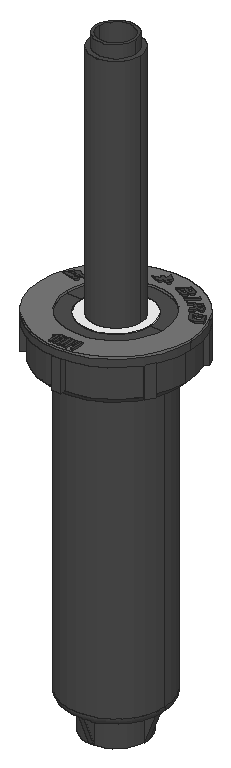
Revit family "Spray Bodies 1800-SAM Series", category Acessórios do tubo, Revit 2020
Family settings
  Cota do conector redondo = Utilizar diâmetro
  Tipo de parte = Normal
  Número OmniClass = 23.60.30.11.14
  Título OmniClass = Pipework Fittings
  Com base no plano de trabalho = Não
  Sempre na vertical = Sim
  Corte com vazios quando carregada = Não
  Compartilhado = Não
Parameters (values of type "1804-SAM")
  White Plastic = White Plastic
  URL = "https://www.rainbird.com/"
  SupportProjetos: Reviw Date = "15/11/2020"  # constant formula
  SupportProjetos: Reviw = "R01"  # constant formula
  SupportProjetos: Level of Detail = "LOD 300"  # constant formula
  SupportProjetos: Developed = "MICHEL SOARES MOTA"  # constant formula
  SupportProjetos: Creation Date = "13/07/2020"  # constant formula
  Side inlet = Model > 1805  # no
  RainBird: Product Link = "https://store.rainbird.com/sprinklers/spray-heads.html?sprays_sprayheadseries=117"
  RainBird: Description = "Spray Bodies Serie 1800 - Model 1804-SAM"
  RainBird: Comment [instance] = ""
  RainBird: Code = "A43905"
  RT = 0.3015 cm
  RN = 1 cm
  R5 = 1 cm
  R4 = 1.25 cm
  R3 = 2 cm
  R2 = 2.85 cm
  R1 = 1 cm
  R-VAN = yes
  Pop up height = 10.2 cm
  Pop up on [instance] = yes
  Modelo = "1804-SAM"
  Model = 1804
  H1 = Body height / 3  # 5.0667 cm
  Elevação padrão = 0 cm
  Descrição = RainBird: Description  # "Spray Bodies Serie 1800 - Model 1804-SAM"
  DT8 = 0.08 cm
  DT7 = 3.05 cm
  DT6 = 2 cm
  DT5 = 0.12 cm
  DT4 = 0.5 cm
  DT3 = 0.7973 cm
  DT2 = 1 cm
  DT1 = 1.4 cm
  DD9 = 1.3673 cm
  DD8 [instance] = if(Pop up on, Pop up height, 0 cm)  # 10.2 cm
  DD7 = 0.6 cm
  DD6 = 0.3 cm
  DD5 = 0.2 cm
  DD3 = 1.8 cm
  DD2 = 0.5 cm
  DD13 = 1.5 cm
  DD12 [instance] = if(Pop up on, Pop up height + 1.51 cm, 0 cm)  # 11.71 cm
  DD11 = 0.2 cm
  DD10 = 2.7818 cm
  DD1 = 1.2 cm
  Conection = 1.91 cm  # constant formula
  Body height = 15.2 cm
  Black Plastic 2 = Black Plastic 2
  Black Plastic = Black Plastic
  Arch Angle [instance] = 180.00°
  AA1 = 135.00°
  1812 = no
  1806 = no
  1804 = yes
  180 = yes
Types (4, lengths in cm): name | Side inlet | RainBird: Description | RainBird: Code | Pop up height | Modelo | Model | H1 | Descrição | DD9 | DD8 | DD12 | DD11 | DD10 | Body height | 1812 | 1806 | 1804 | 180
  (no name) | no | "Spray Bodies Serie 1800 - Model 1804-SAM" | "A43905" | 10.2 | "1804-SAM" | 1804 | 5.0667 | "Spray Bodies Serie 1800 - Model 1804-SAM" | 1.3673 | 10.2 | 11.71 | 0.2 | 2.7818 | 15.2 | no | no | yes | yes
  1804-SAM | no | "Spray Bodies Serie 1800 - Model 1804-SAM" | "A43905" | 10.2 | "1804-SAM" | 1804 | 5.0667 | "Spray Bodies Serie 1800 - Model 1804-SAM" | 1.3673 | 10.2 | 11.71 | 0.2 | 2.7818 | 15.2 | no | no | yes | yes
  1806-SAM | yes | "Spray Bodies Serie 1800 - Model 1806-SAM" | "A43912" | 15.2 | "1806-SAM" | 1806 | 7.9333 | "Spray Bodies Serie 1800 - Model 1806-SAM" | 1.3673 | 15.2 | 16.71 | 0.1 | 2.7818 | 23.8 | no | yes | no | yes
  1812-SAM | yes | "Spray Bodies Serie 1800 - Model 1812-SAM" | "A43930" | 30.5 | "1812-SAM" | 1812 | 13.5333 | "Spray Bodies Serie 1800 - Model 1812-SAM" | 2 | 30.5 | 32.01 | 0.6254 | 2.5 | 40.6 | yes | no | no | no
Reference planes (cm)
  plane 1 "Centro (Frente/Trás)": y = 0
  plane 2: z = 0
  plane 3 "Centro (Esquerda/Direita)": x = 0
  plane 4: z = 0.12
  plane 5: z = 0.08
  plane 6: y = -2
Forms (cm)
  Revolve 1, solid, material "Black Plastic" <- "Black Plastic"
    sketch origin (0, 0, 0) x (1, 0, 0) y (0, 0, 1)
      loop
        line (2.85, -1.5672) -> (2.85, -0.3) -> (3.05, -0.3) -> (3.05, 0) -> (1.4, 0) -> (1.4, -1) -> (1, -1) -> (1, -10.2) -> (0.6, -10.2) -> (0.6, -14) -> (1, -14) -> (1, -15.2) -> (1.25, -15.2) -> (1.25, -14) -> (1.6985, -14)
        arc (1.6985, -14) -> (1.9117, -13.9117) -> (2, -13.6985) r 0.3015
        line (2, -13.6985) -> (2, -2.1015)
        arc (2, -2.1015) -> (2.0883, -1.8883) -> (2.3015, -1.8) r 0.3015
        line (2.3015, -1.8) -> (2.6172, -1.8) -> (2.85, -1.5672)
      axis (0, -15.2) -> (0, 0)
    angle from 0 to 360
  Extrusion 2, solid, material "Black Plastic" <- "Black Plastic"
    sketch origin (0, 0, 0) x (1, 0, 0) y (0, 1, 0)
      loop
        circle (0, 0) r 1
    from -10.2 to 10.2
  Extrusion 3, void
    sketch origin (0, 0, 0) x (1, 0, 0) y (0, 1, 0)
      loop
        circle (0, 0) r 1
      loop
        circle (0, 0) r 0.7973
    from 9.7 to 10.2
  Extrusion 4, solid, material "Black Plastic" <- "Black Plastic", visible <- "180"
    sketch origin (0, -2.5, 0) x (1, 0, 0) y (0, 1, 0)
      loop
        line (-2.231, 3.2135) -> (-2.1644, 3.3339) -> (-2.3679, 3.3844) -> (-2.2992, 3.5085) -> (-2.0365, 3.4904) -> (-1.9715, 3.608) -> (-2.2887, 3.6298) -> (-2.4263, 3.706) -> (-2.6398, 3.6445) -> (-2.8298, 3.3622) -> (-2.231, 3.2135)
      loop
        line (-2.6663, 3.4585) -> (-2.4339, 3.4008) -> (-2.3526, 3.5478) -> (-2.4178, 3.6107) -> (-2.5587, 3.5701) -> (-2.6663, 3.4585)
      loop
        line (-1.9163, 3.7039) -> (-1.8175, 3.8064) -> (-1.8808, 3.8933) -> (-1.7232, 4.0568) -> (-1.6371, 4.0092) -> (-1.5763, 4.1193) -> (-2.1283, 4.1963) -> (-2.2118, 4.1098) -> (-1.9163, 3.7039)
      loop
        line (-2.0723, 4.0915) -> (-1.9537, 3.9286) -> (-1.8139, 4.0736) -> (-2.0723, 4.0915)
      loop
        line (-1.8177, 4.5186) -> (-1.3486, 4.2146) -> (-1.2727, 4.2934) -> (-1.7417, 4.5974) -> (-1.8177, 4.5186)
      loop
        line (-1.1151, 4.372) -> (-1.0305, 4.4599) -> (-1.2636, 4.6846) -> (-0.7593, 4.6142) -> (-0.6667, 4.7103) -> (-1.0803, 5.0567) -> (-1.1605, 4.9984) -> (-0.8466, 4.7354) -> (-1.4131, 4.8145) -> (-1.5049, 4.7477) -> (-1.1151, 4.372)
      loop
        line (-0.4562, 4.9237) -> (-0.283, 4.8466) -> (-0.0843, 4.7934) -> (0, 4.9138) -> (0.2358, 4.8722) -> (0.2981, 4.9345) -> (0.116, 5.0156) -> (0.2085, 5.1477) -> (-0.0336, 5.3172) -> (-0.0336, 5.1849) -> (-0.0336, 5.0821) -> (-0.1724, 5.1439) -> (-0.2428, 5.1033) -> (-0.1476, 5.0081) -> (-0.274, 4.9621) -> (-0.4562, 4.9237)
      loop
        line (0.6147, 4.7728) -> (0.9327, 4.5929) -> (1.0885, 4.5721) -> (1.1808, 4.6694) -> (1.1317, 4.7723) -> (1.2619, 4.7549) -> (1.334, 4.8309) -> (1.2754, 4.9539) -> (0.9573, 5.1338) -> (0.6147, 4.7728)
      loop
        line (0.8462, 4.8897) -> (0.7501, 4.7884) -> (0.9556, 4.6722) -> (1.0744, 4.6732) -> (1.0734, 4.7801) -> (0.8462, 4.8897)
      loop
        line (0.9989, 5.0507) -> (0.9222, 4.9699) -> (1.1173, 4.8595) -> (1.2037, 4.8602) -> (1.1883, 4.9435) -> (0.9989, 5.0507)
      loop
        line (1.2199, 4.4305) -> (1.3171, 4.3754) -> (1.7079, 4.7092) -> (1.6106, 4.7642) -> (1.2199, 4.4305)
      loop
        line (1.9335, 4.5079) -> (1.472, 4.2878) -> (1.5637, 4.2008) -> (1.7245, 4.2775) -> (1.8813, 4.1484) -> (1.7689, 4.0299) -> (1.857, 3.9063) -> (1.985, 3.9976) -> (2.0031, 4.1334) -> (2.1114, 4.0951) -> (2.2369, 4.155) -> (2.156, 4.3246) -> (1.9335, 4.5079)
      loop
        line (1.9261, 4.4053) -> (1.8225, 4.3559) -> (1.9436, 4.2141) -> (2.1112, 4.2155) -> (2.0556, 4.3321) -> (1.9261, 4.4053)
      loop
        line (1.9557, 3.8215) -> (2.1968, 3.4836) -> (2.3925, 3.4143) -> (2.7137, 3.5675) -> (2.6804, 3.6964) -> (2.4921, 3.9603) -> (1.9557, 3.8215)
      loop
        line (2.1302, 3.7523) -> (2.2577, 3.5736) -> (2.4889, 3.5756) -> (2.5959, 3.652) -> (2.4629, 3.8384) -> (2.1302, 3.7523)
      loop
        line (-0.516, -0.0627) -> (-0.4245, -0.0627) -> (-0.4245, -0.3834) -> (-0.3366, -0.3834) -> (-0.3366, 0.1166) -> (-0.516, -0.0627)
      loop
        line (-0.2745, 0.1165) -> (-0.2745, -0.3834) -> (-0.0345, -0.3834) -> (-0.0345, 0.1165) -> (-0.2745, 0.1165)
      loop
        line (-0.1945, 0.0365) -> (-0.1945, -0.0861) -> (-0.1145, -0.0861) -> (-0.1145, 0.0365) -> (-0.1945, 0.0365)
      loop
        line (-0.1945, -0.1661) -> (-0.1945, -0.3034) -> (-0.1145, -0.3034) -> (-0.1145, -0.1661) -> (-0.1945, -0.1661)
      loop
        line (0.0395, 0.1165) -> (0.0395, -0.3834) -> (0.2795, -0.3834) -> (0.2795, 0.1165) -> (0.0395, 0.1165)
      loop
        line (0.1195, 0.0365) -> (0.1195, -0.3034) -> (0.1995, -0.3034) -> (0.1995, 0.0365) -> (0.1195, 0.0365)
    from 0 to 0.12
  Extrusion 5, solid, material "Black Plastic 2" <- "Black Plastic 2"
    sketch origin (0, 0, 0) x (1, 0, 0) y (0, 1, 0)
      loop
        circle (0, 0) r 3.05
      loop
        circle (0, 0) r 2
    from 0 to 0.08
  Extrusion 6, solid, material "Black Plastic" <- "Black Plastic", visible <- "Side inlet"
    sketch origin (0, 0, 0) x (1, 0, 0) y (0, 0, 1)
      loop
        circle (0, -5.0667) r 1
    from 2 to 3.3673
  Extrusion 7, solid, material "Black Plastic" <- "Black Plastic", visible <- "Side inlet"
    sketch origin (0, 0, 0) x (1, 0, 0) y (0, 0, 1)
      loop
        circle (0, -5.0667) r 0.7964
    from 3.3673 to 3.8673
  Extrusion 8, void
    sketch origin (0, 0, 0) x (1, 0, 0) y (0, 1, 0)
      loop
        circle (0, 0) r 0.6963
    from -10.2 to 10.2
  Extrusion 9, solid, material "Black Plastic" <- "Black Plastic"
    sketch origin (0, 0, 0) x (0, 1, 0) y (0, 0, 1)
      loop
        line (1.25, -14) -> (1.25, -15.2) -> (1.75, -14) -> (1.25, -14)
      loop
        line (-1.25, -14) -> (-1.75, -14) -> (-1.25, -15.2) -> (-1.25, -14)
    from -0.1 to 0.1
  Extrusion 10, solid, material "Black Plastic" <- "Black Plastic"
    sketch origin (0, 0, 0) x (-1, 0, 0) y (0, 0, 1)
      loop
        line (1.25, -14) -> (1.25, -15.2) -> (1.75, -14) -> (1.25, -14)
      loop
        line (-1.25, -14) -> (-1.75, -14) -> (-1.25, -15.2) -> (-1.25, -14)
    from -0.1 to 0.1
  Extrusion 11, solid, material "Black Plastic" <- "Black Plastic", visible <- "1804"
    sketch origin (0.5778, -2.5, 0) x (1, 0, 0) y (0, 1, 0)
      loop
        line (-0.268, -0.156) -> (-0.108, -0.156) -> (-0.108, -0.3834) -> (-0.024, -0.3834) -> (-0.024, 0.1165) -> (-0.108, 0.1165) -> (-0.108, -0.0861) -> (-0.188, -0.0861) -> (-0.188, 0.1165) -> (-0.268, 0.1165) -> (-0.268, -0.156)
    from 0 to 0.12
  Extrusion 12, solid, material "Black Plastic" <- "Black Plastic", visible <- "1806"
    sketch origin (0.5778, -2.5, 0) x (1, 0, 0) y (0, 1, 0)
      loop
        line (-0.268, -0.3834) -> (-0.024, -0.3834) -> (-0.024, -0.0861) -> (-0.188, -0.0861) -> (-0.188, 0.0365) -> (-0.024, 0.0365) -> (-0.024, 0.1165) -> (-0.268, 0.1165) -> (-0.268, -0.3834)
      loop
        line (-0.188, -0.1661) -> (-0.188, -0.3034) -> (-0.108, -0.3034) -> (-0.108, -0.1661) -> (-0.188, -0.1661)
    from 0 to 0.12
  Extrusion 13, solid, material "Black Plastic" <- "Black Plastic", visible <- "1812"
    sketch origin (0, -2.5, 0) x (1, 0, 0) y (0, 1, 0)
      loop
        line (-2.231, 3.2135) -> (-2.1644, 3.3339) -> (-2.3679, 3.3844) -> (-2.2992, 3.5085) -> (-2.0365, 3.4904) -> (-1.9715, 3.608) -> (-2.2887, 3.6298) -> (-2.4263, 3.706) -> (-2.6398, 3.6445) -> (-2.8298, 3.3622) -> (-2.231, 3.2135)
      loop
        line (-2.6663, 3.4585) -> (-2.4339, 3.4008) -> (-2.3526, 3.5478) -> (-2.4178, 3.6107) -> (-2.5587, 3.5701) -> (-2.6663, 3.4585)
      loop
        line (-1.9163, 3.7039) -> (-1.8175, 3.8064) -> (-1.8808, 3.8933) -> (-1.7232, 4.0568) -> (-1.6371, 4.0092) -> (-1.5763, 4.1193) -> (-2.1283, 4.1963) -> (-2.2118, 4.1098) -> (-1.9163, 3.7039)
      loop
        line (-2.0723, 4.0915) -> (-1.9537, 3.9286) -> (-1.8139, 4.0736) -> (-2.0723, 4.0915)
      loop
        line (-1.8177, 4.5186) -> (-1.3486, 4.2146) -> (-1.2727, 4.2934) -> (-1.7417, 4.5974) -> (-1.8177, 4.5186)
      loop
        line (-1.1151, 4.372) -> (-1.0305, 4.4599) -> (-1.2636, 4.6846) -> (-0.7593, 4.6142) -> (-0.6667, 4.7103) -> (-1.0803, 5.0567) -> (-1.1605, 4.9984) -> (-0.8466, 4.7354) -> (-1.4131, 4.8145) -> (-1.5049, 4.7477) -> (-1.1151, 4.372)
      loop
        line (-0.4562, 4.9237) -> (-0.283, 4.8466) -> (-0.0843, 4.7934) -> (0, 4.9138) -> (0.2358, 4.8722) -> (0.2981, 4.9345) -> (0.116, 5.0156) -> (0.2085, 5.1477) -> (-0.0336, 5.3172) -> (-0.0336, 5.1849) -> (-0.0336, 5.0821) -> (-0.1724, 5.1439) -> (-0.2428, 5.1033) -> (-0.1476, 5.0081) -> (-0.274, 4.9621) -> (-0.4562, 4.9237)
      loop
        line (0.6147, 4.7728) -> (0.9327, 4.5929) -> (1.0885, 4.5721) -> (1.1808, 4.6694) -> (1.1317, 4.7723) -> (1.2619, 4.7549) -> (1.334, 4.8309) -> (1.2754, 4.9539) -> (0.9573, 5.1338) -> (0.6147, 4.7728)
      loop
        line (0.8462, 4.8897) -> (0.7501, 4.7884) -> (0.9556, 4.6722) -> (1.0744, 4.6732) -> (1.0734, 4.7801) -> (0.8462, 4.8897)
      loop
        line (0.9989, 5.0507) -> (0.9222, 4.9699) -> (1.1173, 4.8595) -> (1.2037, 4.8602) -> (1.1883, 4.9435) -> (0.9989, 5.0507)
      loop
        line (1.2199, 4.4305) -> (1.3171, 4.3754) -> (1.7079, 4.7092) -> (1.6106, 4.7642) -> (1.2199, 4.4305)
      loop
        line (1.9335, 4.5079) -> (1.472, 4.2878) -> (1.5637, 4.2008) -> (1.7245, 4.2775) -> (1.8813, 4.1484) -> (1.7689, 4.0299) -> (1.857, 3.9063) -> (1.985, 3.9976) -> (2.0031, 4.1334) -> (2.1114, 4.0951) -> (2.2369, 4.155) -> (2.156, 4.3246) -> (1.9335, 4.5079)
      loop
        line (1.9261, 4.4053) -> (1.8225, 4.3559) -> (1.9436, 4.2141) -> (2.1112, 4.2155) -> (2.0556, 4.3321) -> (1.9261, 4.4053)
      loop
        line (1.9557, 3.8215) -> (2.1968, 3.4836) -> (2.3925, 3.4143) -> (2.7137, 3.5675) -> (2.6804, 3.6964) -> (2.4921, 3.9603) -> (1.9557, 3.8215)
      loop
        line (2.1302, 3.7523) -> (2.2577, 3.5736) -> (2.4889, 3.5756) -> (2.5959, 3.652) -> (2.4629, 3.8384) -> (2.1302, 3.7523)
      loop
        line (-0.516, -0.0625) -> (-0.4245, -0.0625) -> (-0.4245, -0.3832) -> (-0.3366, -0.3832) -> (-0.3366, 0.1168) -> (-0.516, -0.0625)
      loop
        line (-0.2745, 0.1166) -> (-0.2745, -0.3832) -> (-0.0345, -0.3832) -> (-0.0345, 0.1166) -> (-0.2745, 0.1166)
      loop
        line (-0.1945, 0.0366) -> (-0.1945, -0.086) -> (-0.1145, -0.086) -> (-0.1145, 0.0366) -> (-0.1945, 0.0366)
      loop
        line (-0.1945, -0.166) -> (-0.1945, -0.3032) -> (-0.1145, -0.3032) -> (-0.1145, -0.166) -> (-0.1945, -0.166)
      loop
        line (0.2795, 0.1166) -> (0.1002, -0.0625) -> (0.1916, -0.0625) -> (0.1916, -0.3831) -> (0.2795, -0.3831) -> (0.2795, 0.1166)
      loop
        line (0.3097, 0.1165) -> (0.3097, 0.0365) -> (0.4697, 0.0365) -> (0.4697, -0.0861) -> (0.3097, -0.0861) -> (0.3097, -0.3834) -> (0.5537, -0.3834) -> (0.5537, -0.3032) -> (0.3897, -0.3032) -> (0.3897, -0.1664) -> (0.5537, -0.1664) -> (0.5537, 0.1165) -> (0.3097, 0.1165)
    from 0 to 0.12
  Extrusion 14, solid, material "Black Plastic" <- "Black Plastic"
    sketch origin (0, 0, 0) x (1, 0, 0) y (0, 1, 0)
      loop
        line (-0.1873, 3.0442) -> (-0.1873, 2.8126)
        arc (-0.1873, 2.8126) -> (0, 2.8188) -> (0.1873, 2.8126) r 2.8188
        line (0.1873, 2.8126) -> (0.1873, 3.0442)
        arc (0.1873, 3.0442) -> (0, 3.05) -> (-0.1873, 3.0442) r 3.05
      loop
        arc (-0.1873, -3.0442) -> (0, -3.05) -> (0.1873, -3.0442) r 3.05
        line (0.1873, -3.0442) -> (0.1873, -2.8126)
        arc (0.1873, -2.8126) -> (0, -2.8188) -> (-0.1873, -2.8126) r 2.8188
        line (-0.1873, -2.8126) -> (-0.1873, -3.0442)
      loop
        line (-2.73, 1.3599) -> (-2.5294, 1.2441)
        arc (-2.5294, 1.2441) -> (-2.4411, 1.4094) -> (-2.3421, 1.5685) r 2.8188
        line (-2.3421, 1.5685) -> (-2.5427, 1.6843)
        arc (-2.5427, 1.6843) -> (-2.6414, 1.525) -> (-2.73, 1.3599) r 3.05
      loop
        arc (2.5427, -1.6843) -> (2.6414, -1.525) -> (2.73, -1.3599) r 3.05
        line (2.73, -1.3599) -> (2.5294, -1.2441)
        arc (2.5294, -1.2441) -> (2.4411, -1.4094) -> (2.3421, -1.5685) r 2.8188
        line (2.3421, -1.5685) -> (2.5427, -1.6843)
      loop
        line (-2.5427, -1.6843) -> (-2.3421, -1.5685)
        arc (-2.3421, -1.5685) -> (-2.4411, -1.4094) -> (-2.5294, -1.2441) r 2.8188
        line (-2.5294, -1.2441) -> (-2.73, -1.3599)
        arc (-2.73, -1.3599) -> (-2.6414, -1.525) -> (-2.5427, -1.6843) r 3.05
      loop
        arc (2.73, 1.3599) -> (2.6414, 1.525) -> (2.5427, 1.6843) r 3.05
        line (2.5427, 1.6843) -> (2.3421, 1.5685)
        arc (2.3421, 1.5685) -> (2.4411, 1.4094) -> (2.5294, 1.2441) r 2.8188
        line (2.5294, 1.2441) -> (2.73, 1.3599)
    from -1.5672 to -0.3
Cuts and joins
  Extrusion 3, Extrusion 8 cuts Extrusion 2
Dimensions and locks (cm)
  "Body height": level to Revolve 1 sketch curve
  "R2": Revolve 1 sketch curve to plane 3 "Centro (Esquerda/Direita)"
  "DD1": Revolve 1 sketch curve to Revolve 1 sketch curve
  "DD3": level to Revolve 1 sketch curve
  "R3": Revolve 1 sketch curve to plane 3 "Centro (Esquerda/Direita)"
  "R4": Revolve 1 sketch curve to plane 3 "Centro (Esquerda/Direita)"
  "DD5": Revolve 1 sketch curve to Revolve 1 sketch curve
  "DD6": level to Revolve 1 sketch curve
  "RN": Revolve 1 sketch curve to plane 3 "Centro (Esquerda/Direita)"
  "Pop up height": level to Revolve 1 sketch curve
  "R5": plane 3 "Centro (Esquerda/Direita)" to Revolve 1 sketch curve
  "DD7": Revolve 1 sketch curve to plane 3 "Centro (Esquerda/Direita)"
  "DT1": plane 3 "Centro (Esquerda/Direita)" to Revolve 1 sketch curve
  "DT2": level to Revolve 1 sketch curve
  "DD8": Extrusion 2 to level
  "DT4": cut or joined group of Extrusion 2, Extrusion 3, Extrusion 8 to cut or joined group of Extrusion 2, Extrusion 3, Extrusion 8
  "DT5": plane 4 to level
  "DT8": plane 5 to level
  "H1": level to Extrusion 6 sketch curve
  "R3": plane 6 to plane 1 "Centro (Frente/Trás)"
  "DD9": Extrusion 6 to plane 6
  locked: Extrusion 7 to Extrusion 6 at 0.5
  "H1": level to Extrusion 7 sketch curve
  equal spacing: Extrusion 9, plane 3 "Centro (Esquerda/Direita)", Extrusion 9
  "DD11": Extrusion 9 to Extrusion 9
  equal spacing: Extrusion 10, plane 1 "Centro (Frente/Trás)", Extrusion 10
  "DD11": Extrusion 10 to Extrusion 10
  plane 3 "Centro (Esquerda/Direita)" to Extrusion 14 = 0.1873 cm
  "RT": radius of Revolve 1 sketch curve  (x2)
  "R1": radius of Extrusion 2 sketch curve
  "R1": radius of Extrusion 3 sketch curve
  "DT3": radius of Extrusion 3 sketch curve
  "DT6": radius of Extrusion 5 sketch curve
  "DT7": radius of Extrusion 5 sketch curve
  "AA1": angle Revolve 1 sketch curve to Revolve 1 sketch curve
  aligned and locked: level to plane 2
  aligned and locked: level to Revolve 1 sketch curve
  aligned and locked: Revolve 1 sketch curve to Revolve 1 sketch curve
  aligned and locked: Extrusion 2 to Revolve 1
  aligned and locked: cut or joined group of Extrusion 2, Extrusion 3, Extrusion 8 to cut or joined group of Extrusion 2, Extrusion 3, Extrusion 8  (x3)
  aligned and locked: Extrusion 4 to level
  aligned and locked: plane 4 to Extrusion 4
  aligned and locked: Extrusion 5 to level
  aligned and locked: plane 5 to Extrusion 5
  aligned and locked: plane 6 to Extrusion 6
  aligned and locked: Extrusion 7 to Extrusion 6
  aligned and locked: Extrusion 9 to Revolve 1
  aligned and locked: Extrusion 10 to Revolve 1
  aligned and locked: Revolve 1 to Extrusion 10
  aligned and locked: Revolve 1 to Extrusion 9
  aligned and locked: Revolve 1 to Extrusion 14  (x2)
Automatic sketch dimensions
  plane 1 "Centro (Frente/Trás)" to Extrusion 2 sketch curve = 0 cm
  Extrusion 2 sketch curve to plane 3 "Centro (Esquerda/Direita)" = 0 cm
  Extrusion 4 sketch curve to plane 3 "Centro (Esquerda/Direita)" = 0 cm
  Extrusion 4 sketch curve to plane 3 "Centro (Esquerda/Direita)" = 0.0336 cm
  Extrusion 4 sketch curve to plane 3 "Centro (Esquerda/Direita)" = 0.0345 cm
  Extrusion 4 sketch curve to plane 3 "Centro (Esquerda/Direita)" = 0.0843 cm
  Extrusion 4 sketch curve to plane 3 "Centro (Esquerda/Direita)" = 0.1145 cm
  Extrusion 4 sketch curve to Extrusion 4 sketch curve = 0.08 cm  (x11)
  Extrusion 4 sketch curve to Extrusion 4 sketch curve = 0.114 cm
  Extrusion 4 sketch curve to Extrusion 4 sketch curve = 0.0248 cm
  Extrusion 4 sketch curve to Extrusion 4 sketch curve = 0.0704 cm
  Extrusion 4 sketch curve to Extrusion 4 sketch curve = 0.1264 cm
  Extrusion 4 sketch curve to Extrusion 4 sketch curve = 0.009 cm
  Extrusion 4 sketch curve to Extrusion 4 sketch curve = 0.0622 cm  (x3)
  Extrusion 4 sketch curve to Extrusion 4 sketch curve = 0.0879 cm
  Extrusion 4 sketch curve to Extrusion 4 sketch curve = 0.1822 cm
  Extrusion 4 sketch curve to Extrusion 4 sketch curve = 0.0914 cm
  Extrusion 4 sketch curve to Extrusion 4 sketch curve = 0.2105 cm
  Extrusion 4 sketch curve to Extrusion 4 sketch curve = 0.0927 cm
  Extrusion 4 sketch curve to Extrusion 4 sketch curve = 0.0872 cm  (x2)
  Extrusion 4 sketch curve to Extrusion 4 sketch curve = 0.2711 cm
  Extrusion 4 sketch curve to Extrusion 4 sketch curve = 0.2338 cm
  Extrusion 4 sketch curve to Extrusion 4 sketch curve = 0.0847 cm  (x2)
  Extrusion 4 sketch curve to Extrusion 4 sketch curve = 0.0802 cm
  Extrusion 4 sketch curve to Extrusion 4 sketch curve = 0.2331 cm
  Extrusion 4 sketch curve to Extrusion 4 sketch curve = 0.1575 cm
  Extrusion 4 sketch curve to Extrusion 4 sketch curve = 0.0759 cm  (x2)
  Extrusion 4 sketch curve to Extrusion 4 sketch curve = 0.1495 cm
  Extrusion 4 sketch curve to Extrusion 4 sketch curve = 0.0917 cm  (x2)
  Extrusion 4 sketch curve to Extrusion 4 sketch curve = 0.2277 cm
  Extrusion 4 sketch curve to Extrusion 4 sketch curve = 0.0609 cm  (x2)
  Extrusion 4 sketch curve to Extrusion 4 sketch curve = 0.0861 cm
  Extrusion 4 sketch curve to Extrusion 4 sketch curve = 0.2369 cm
  Extrusion 4 sketch curve to Extrusion 4 sketch curve = 0.0907 cm
  Extrusion 4 sketch curve to Extrusion 4 sketch curve = 0.0037 cm
  Extrusion 4 sketch curve to Extrusion 4 sketch curve = 0.0633 cm
  Extrusion 4 sketch curve to Extrusion 4 sketch curve = 0.0988 cm
  Extrusion 4 sketch curve to Extrusion 4 sketch curve = 0.0729 cm
  Extrusion 4 sketch curve to Extrusion 4 sketch curve = 0.0551 cm
  Extrusion 4 sketch curve to plane 1 "Centro (Frente/Trás)" = 0.9904 cm
  Extrusion 4 sketch curve to Extrusion 4 sketch curve = 0.065 cm
  Extrusion 4 sketch curve to Extrusion 4 sketch curve = 0.1186 cm
  Extrusion 4 sketch curve to Extrusion 4 sketch curve = 0.056 cm
  Extrusion 4 sketch curve to plane 1 "Centro (Frente/Trás)" = 0.8339 cm
  Extrusion 4 sketch curve to Extrusion 4 sketch curve = 0.1279 cm
  Extrusion 4 sketch curve to Extrusion 4 sketch curve = 0.0835 cm
  Extrusion 4 sketch curve to plane 1 "Centro (Frente/Trás)" = 0.7135 cm
  Extrusion 4 sketch curve to Extrusion 4 sketch curve = 0.0666 cm  (x2)
  Extrusion 4 sketch curve to plane 1 "Centro (Frente/Trás)" = 1.1298 cm
  Extrusion 4 sketch curve to Extrusion 4 sketch curve = 0.2521 cm
  Extrusion 4 sketch curve to plane 1 "Centro (Frente/Trás)" = 1.0085 cm
  Extrusion 4 sketch curve to Extrusion 4 sketch curve = 0.0106 cm
  Extrusion 4 sketch curve to plane 1 "Centro (Frente/Trás)" = 1.0478 cm
  Extrusion 4 sketch curve to Extrusion 4 sketch curve = 0.0534 cm
  Extrusion 4 sketch curve to plane 1 "Centro (Frente/Trás)" = 0.8844 cm
  Extrusion 4 sketch curve to Extrusion 4 sketch curve = 0.0686 cm
  Extrusion 4 sketch curve to plane 1 "Centro (Frente/Trás)" = 1.1107 cm
  Extrusion 4 sketch curve to Extrusion 4 sketch curve = 0.0652 cm
  Extrusion 4 sketch curve to plane 1 "Centro (Frente/Trás)" = 1.206 cm
  Extrusion 4 sketch curve to Extrusion 4 sketch curve = 0.0084 cm
  Extrusion 4 sketch curve to plane 1 "Centro (Frente/Trás)" = 0.9008 cm
  Extrusion 4 sketch curve to Extrusion 4 sketch curve = 0.066 cm
  Extrusion 4 sketch curve to plane 1 "Centro (Frente/Trás)" = 1.0701 cm
  Extrusion 4 sketch curve to Extrusion 4 sketch curve = 0.1408 cm
  Extrusion 4 sketch curve to plane 1 "Centro (Frente/Trás)" = 1.1445 cm
  Extrusion 4 sketch curve to Extrusion 4 sketch curve = 0.0811 cm  (x2)
  Extrusion 4 sketch curve to plane 1 "Centro (Frente/Trás)" = 0.9585 cm
  Extrusion 4 sketch curve to Extrusion 4 sketch curve = 0.1076 cm
  Extrusion 4 sketch curve to plane 1 "Centro (Frente/Trás)" = 0.8622 cm
  Extrusion 4 sketch curve to Extrusion 4 sketch curve = 0.1635 cm
  plane 3 "Centro (Esquerda/Direita)" to Extrusion 4 sketch curve = 0.0395 cm
  plane 3 "Centro (Esquerda/Direita)" to Extrusion 4 sketch curve = 0.116 cm
  Extrusion 4 sketch curve to Extrusion 4 sketch curve = 0.0925 cm
  Extrusion 4 sketch curve to Extrusion 4 sketch curve = 0.1199 cm
  Extrusion 4 sketch curve to Extrusion 4 sketch curve = 0.3166 cm
  Extrusion 4 sketch curve to Extrusion 4 sketch curve = 0.1353 cm
  Extrusion 4 sketch curve to Extrusion 4 sketch curve = 0.0961 cm  (x2)
  Extrusion 4 sketch curve to Extrusion 4 sketch curve = 0.076 cm  (x2)
  Extrusion 4 sketch curve to Extrusion 4 sketch curve = 0.1827 cm
  Extrusion 4 sketch curve to Extrusion 4 sketch curve = 0.0229 cm
  Extrusion 4 sketch curve to Extrusion 4 sketch curve = 0.0351 cm
  Extrusion 4 sketch curve to Extrusion 4 sketch curve = 0.0416 cm
  Extrusion 4 sketch curve to Extrusion 4 sketch curve = 0.1178 cm
  Extrusion 4 sketch curve to Extrusion 4 sketch curve = 0.0009 cm
  Extrusion 4 sketch curve to Extrusion 4 sketch curve = 0.0141 cm
  Extrusion 4 sketch curve to Extrusion 4 sketch curve = 0.0439 cm
  Extrusion 4 sketch curve to Extrusion 4 sketch curve = 0.0583 cm
  Extrusion 4 sketch curve to Extrusion 4 sketch curve = 0.1064 cm
  Extrusion 4 sketch curve to Extrusion 4 sketch curve = 0.071 cm
  Extrusion 4 sketch curve to Extrusion 4 sketch curve = 0.0154 cm
  Extrusion 4 sketch curve to Extrusion 4 sketch curve = 0.1314 cm
  Extrusion 4 sketch curve to Extrusion 4 sketch curve = 0.0871 cm
  Extrusion 4 sketch curve to Extrusion 4 sketch curve = 0.0973 cm  (x3)
  Extrusion 4 sketch curve to Extrusion 4 sketch curve = 0.0721 cm
  Extrusion 4 sketch curve to Extrusion 4 sketch curve = 0.1549 cm
  Extrusion 4 sketch curve to Extrusion 4 sketch curve = 0.2766 cm
  Extrusion 4 sketch curve to Extrusion 4 sketch curve = 0.1608 cm
  Extrusion 4 sketch curve to Extrusion 4 sketch curve = 0.0443 cm
  Extrusion 4 sketch curve to Extrusion 4 sketch curve = 0.098 cm
  Extrusion 4 sketch curve to Extrusion 4 sketch curve = 0.0882 cm
  Extrusion 4 sketch curve to Extrusion 4 sketch curve = 0.1125 cm
  Extrusion 4 sketch curve to Extrusion 4 sketch curve = 0.1036 cm
  Extrusion 4 sketch curve to Extrusion 4 sketch curve = 0.0073 cm
  Extrusion 4 sketch curve to Extrusion 4 sketch curve = 0.0623 cm
  Extrusion 4 sketch curve to Extrusion 4 sketch curve = 0.0987 cm
  Extrusion 4 sketch curve to Extrusion 4 sketch curve = 0.128 cm
  Extrusion 4 sketch curve to Extrusion 4 sketch curve = 0.0595 cm
  Extrusion 4 sketch curve to Extrusion 4 sketch curve = 0.1295 cm
  Extrusion 4 sketch curve to Extrusion 4 sketch curve = 0.0556 cm
  Extrusion 4 sketch curve to Extrusion 4 sketch curve = 0.1083 cm
  Extrusion 4 sketch curve to Extrusion 4 sketch curve = 0.1745 cm
  Extrusion 4 sketch curve to Extrusion 4 sketch curve = 0.1004 cm
  Extrusion 4 sketch curve to plane 1 "Centro (Frente/Trás)" = 0.9836 cm
  Extrusion 4 sketch curve to Extrusion 4 sketch curve = 0.1255 cm
  Extrusion 4 sketch curve to plane 1 "Centro (Frente/Trás)" = 1.0736 cm
  Extrusion 4 sketch curve to plane 1 "Centro (Frente/Trás)" = 0.9143 cm
  Extrusion 4 sketch curve to Extrusion 4 sketch curve = 0.1957 cm
  Extrusion 4 sketch curve to Extrusion 4 sketch curve = 0.2053 cm
  Extrusion 4 sketch curve to plane 1 "Centro (Frente/Trás)" = 1.0756 cm
  Extrusion 4 sketch curve to Extrusion 4 sketch curve = 0.0964 cm
  Extrusion 4 sketch curve to Extrusion 4 sketch curve = 0.0292 cm
  Extrusion 4 sketch curve to plane 1 "Centro (Frente/Trás)" = 1.152 cm
  Extrusion 4 sketch curve to Extrusion 4 sketch curve = 0.107 cm
  Extrusion 4 sketch curve to plane 1 "Centro (Frente/Trás)" = 1.1964 cm
  Extrusion 4 sketch curve to Extrusion 4 sketch curve = 0.0844 cm
  Extrusion 4 sketch curve to plane 1 "Centro (Frente/Trás)" = 1.0675 cm
  Extrusion 4 sketch curve to Extrusion 4 sketch curve = 0.0333 cm
  Extrusion 4 sketch curve to plane 6 = 0.3834 cm
  Extrusion 4 sketch curve to Extrusion 4 sketch curve = 0.0001 cm
  Extrusion 4 sketch curve to Extrusion 4 sketch curve = 0 cm  (x4)
  Extrusion 4 sketch curve to Extrusion 4 sketch curve = 0.1793 cm
  Extrusion 4 sketch curve to Extrusion 4 sketch curve = 0.1226 cm
  Extrusion 4 sketch curve to Extrusion 4 sketch curve = 0.1372 cm
  Extrusion 4 sketch curve to Extrusion 4 sketch curve = 0.1176 cm
  Extrusion 4 sketch curve to Extrusion 4 sketch curve = 0.096 cm
  Extrusion 4 sketch curve to Extrusion 4 sketch curve = 0.1787 cm
  Extrusion 4 sketch curve to Extrusion 4 sketch curve = 0.1025 cm
  Extrusion 4 sketch curve to Extrusion 4 sketch curve = 0.0692 cm
  Extrusion 4 sketch curve to Extrusion 4 sketch curve = 0.0869 cm
  Extrusion 4 sketch curve to Extrusion 4 sketch curve = 0.0353 cm
  Extrusion 4 sketch curve to Extrusion 4 sketch curve = 0.1219 cm
  Extrusion 4 sketch curve to Extrusion 4 sketch curve = 0.0913 cm
  Extrusion 4 sketch curve to Extrusion 4 sketch curve = 0.1159 cm
  Extrusion 4 sketch curve to Extrusion 4 sketch curve = 0.0476 cm
  Extrusion 4 sketch curve to Extrusion 4 sketch curve = 0.0168 cm
  Extrusion 4 sketch curve to Extrusion 4 sketch curve = 0.1629 cm
  Extrusion 4 sketch curve to Extrusion 4 sketch curve = 0.0975 cm
  Extrusion 4 sketch curve to Extrusion 4 sketch curve = 0.0183 cm
  Extrusion 4 sketch curve to Extrusion 4 sketch curve = 0.0383 cm
  Extrusion 4 sketch curve to Extrusion 4 sketch curve = 0.015 cm
  Extrusion 4 sketch curve to Extrusion 4 sketch curve = 0.0599 cm
  Extrusion 4 sketch curve to Extrusion 4 sketch curve = 0.1049 cm
  Extrusion 4 sketch curve to Extrusion 4 sketch curve = 0.1709 cm
  Extrusion 4 sketch curve to Extrusion 4 sketch curve = 0.0657 cm
  Extrusion 4 sketch curve to Extrusion 4 sketch curve = 0.0953 cm
  Extrusion 4 sketch curve to Extrusion 4 sketch curve = 0.1091 cm
  Extrusion 4 sketch curve to Extrusion 4 sketch curve = 0.0767 cm
  Extrusion 4 sketch curve to Extrusion 4 sketch curve = 0.087 cm
  Extrusion 4 sketch curve to Extrusion 4 sketch curve = 0.0788 cm  (x3)
  Extrusion 4 sketch curve to Extrusion 4 sketch curve = 0.0074 cm
  Extrusion 4 sketch curve to Extrusion 4 sketch curve = 0.0783 cm
  Extrusion 4 sketch curve to Extrusion 4 sketch curve = 0.0787 cm
  Extrusion 4 sketch curve to Extrusion 4 sketch curve = 0.0876 cm
  Extrusion 4 sketch curve to Extrusion 4 sketch curve = 0.0494 cm
  Extrusion 4 sketch curve to Extrusion 4 sketch curve = 0.055 cm  (x2)
  Extrusion 4 sketch curve to Extrusion 4 sketch curve = 0.0878 cm
  Extrusion 4 sketch curve to Extrusion 4 sketch curve = 0.1026 cm
  Extrusion 4 sketch curve to Extrusion 4 sketch curve = 0.2291 cm
  Extrusion 4 sketch curve to Extrusion 4 sketch curve = 0.1417 cm
  Extrusion 4 sketch curve to Extrusion 4 sketch curve = 0.0208 cm
  Extrusion 4 sketch curve to Extrusion 4 sketch curve = 0.1543 cm
  Extrusion 4 sketch curve to Extrusion 4 sketch curve = 0.0792 cm
  Extrusion 4 sketch curve to Extrusion 4 sketch curve = 0.1011 cm
  Extrusion 4 sketch curve to Extrusion 4 sketch curve = 0.2013 cm
  Extrusion 4 sketch curve to Extrusion 4 sketch curve = 0.1212 cm
  Extrusion 4 sketch curve to Extrusion 4 sketch curve = 0.0855 cm
  Extrusion 4 sketch curve to Extrusion 4 sketch curve = 0.0078 cm
  Extrusion 4 sketch curve to Extrusion 4 sketch curve = 0.1007 cm
  Extrusion 4 sketch curve to Extrusion 4 sketch curve = 0.0156 cm
  Extrusion 4 sketch curve to Extrusion 4 sketch curve = 0.0831 cm
  Extrusion 4 sketch curve to Extrusion 4 sketch curve = 0.0668 cm
  Extrusion 4 sketch curve to Extrusion 4 sketch curve = 0.0532 cm
  Extrusion 4 sketch curve to Extrusion 4 sketch curve = 0.0008 cm
  Extrusion 4 sketch curve to Extrusion 4 sketch curve = 0.1013 cm
  Extrusion 4 sketch curve to Extrusion 4 sketch curve = 0.1204 cm
  Extrusion 4 sketch curve to Extrusion 4 sketch curve = 0.0771 cm
  Extrusion 4 sketch curve to Extrusion 4 sketch curve = 0.0832 cm  (x2)
  Extrusion 4 sketch curve to Extrusion 4 sketch curve = 0.0104 cm
  Extrusion 4 sketch curve to Extrusion 4 sketch curve = 0.1155 cm
  Extrusion 4 sketch curve to Extrusion 4 sketch curve = 0.0801 cm
  Extrusion 4 sketch curve to Extrusion 4 sketch curve = 0.1839 cm
  Extrusion 4 sketch curve to Extrusion 4 sketch curve = 0.046 cm
  Extrusion 4 sketch curve to Extrusion 4 sketch curve = 0.1018 cm
  Extrusion 4 sketch curve to Extrusion 4 sketch curve = 0.0808 cm
  Extrusion 4 sketch curve to Extrusion 4 sketch curve = 0.0584 cm
  Extrusion 4 sketch curve to Extrusion 4 sketch curve = 0.074 cm
  Extrusion 4 sketch curve to Extrusion 4 sketch curve = 0.0952 cm
  Extrusion 4 sketch curve to Extrusion 4 sketch curve = 0.0406 cm
  Extrusion 4 sketch curve to Extrusion 4 sketch curve = 0.1321 cm
  Extrusion 4 sketch curve to Extrusion 4 sketch curve = 0.1028 cm
  plane 1 "Centro (Frente/Trás)" to Extrusion 8 sketch curve = 0 cm
  Extrusion 8 sketch curve to plane 3 "Centro (Esquerda/Direita)" = 0 cm
  plane 6 to Extrusion 9 sketch curve = 0.25 cm
  plane 6 to Extrusion 9 sketch curve = 0.75 cm
  Extrusion 9 sketch curve to plane 1 "Centro (Frente/Trás)" = 1.25 cm
  Extrusion 9 sketch curve to Extrusion 9 sketch curve = 0.5 cm
  Extrusion 9 sketch curve to level = 15.2 cm
  Extrusion 9 sketch curve to Extrusion 9 sketch curve = 0 cm
  Extrusion 9 sketch curve to Extrusion 9 sketch curve = 1.2 cm  (x2)
  plane 3 "Centro (Esquerda/Direita)" to Extrusion 10 sketch curve = 1.75 cm
  plane 3 "Centro (Esquerda/Direita)" to Extrusion 10 sketch curve = 1.25 cm
  Extrusion 10 sketch curve to plane 3 "Centro (Esquerda/Direita)" = 1.25 cm
  Extrusion 10 sketch curve to Extrusion 10 sketch curve = 0.5 cm
  Extrusion 10 sketch curve to level = 15.2 cm
  Extrusion 10 sketch curve to Extrusion 10 sketch curve = 0 cm
  Extrusion 10 sketch curve to Extrusion 10 sketch curve = 1.2 cm  (x2)
  plane 3 "Centro (Esquerda/Direita)" to Extrusion 11 sketch curve = 0.3097 cm
  Extrusion 11 sketch curve to Extrusion 11 sketch curve = 0.08 cm  (x2)
  Extrusion 11 sketch curve to Extrusion 11 sketch curve = 0 cm  (x2)
  Extrusion 11 sketch curve to Extrusion 11 sketch curve = 0.084 cm
  Extrusion 11 sketch curve to plane 6 = 0.8834 cm
  Extrusion 11 sketch curve to Extrusion 11 sketch curve = 0.2273 cm
  Extrusion 11 sketch curve to Extrusion 11 sketch curve = 0.0699 cm
  Extrusion 11 sketch curve to Extrusion 11 sketch curve = 0.2026 cm
  plane 3 "Centro (Esquerda/Direita)" to Extrusion 12 sketch curve = 0.3097 cm
  Extrusion 12 sketch curve to Extrusion 12 sketch curve = 0.08 cm  (x6)
  Extrusion 12 sketch curve to Extrusion 12 sketch curve = 0.084 cm
  Extrusion 12 sketch curve to Extrusion 12 sketch curve = 0.164 cm
  Extrusion 12 sketch curve to plane 6 = 0.8834 cm
  Extrusion 12 sketch curve to Extrusion 12 sketch curve = 0.1372 cm
  Extrusion 12 sketch curve to Extrusion 12 sketch curve = 0.1226 cm
  Extrusion 13 sketch curve to plane 3 "Centro (Esquerda/Direita)" = 0 cm
  Extrusion 13 sketch curve to plane 3 "Centro (Esquerda/Direita)" = 0.0336 cm
  Extrusion 13 sketch curve to plane 3 "Centro (Esquerda/Direita)" = 0.0345 cm
  Extrusion 13 sketch curve to plane 3 "Centro (Esquerda/Direita)" = 0.0843 cm
  Extrusion 13 sketch curve to plane 3 "Centro (Esquerda/Direita)" = 0.1145 cm
  Extrusion 13 sketch curve to Extrusion 13 sketch curve = 0 cm  (x2)
  Extrusion 13 sketch curve to Extrusion 13 sketch curve = 0.114 cm
  Extrusion 13 sketch curve to Extrusion 13 sketch curve = 0.0248 cm
  Extrusion 13 sketch curve to Extrusion 13 sketch curve = 0.08 cm  (x8)
  Extrusion 13 sketch curve to Extrusion 13 sketch curve = 0.0704 cm
  Extrusion 13 sketch curve to Extrusion 13 sketch curve = 0.1264 cm
  Extrusion 13 sketch curve to Extrusion 13 sketch curve = 0.009 cm
  Extrusion 13 sketch curve to Extrusion 13 sketch curve = 0.0622 cm  (x3)
  Extrusion 13 sketch curve to Extrusion 13 sketch curve = 0.0879 cm  (x2)
  Extrusion 13 sketch curve to Extrusion 13 sketch curve = 0.1822 cm
  Extrusion 13 sketch curve to Extrusion 13 sketch curve = 0.0914 cm
  Extrusion 13 sketch curve to Extrusion 13 sketch curve = 0.2105 cm
  Extrusion 13 sketch curve to Extrusion 13 sketch curve = 0.0927 cm
  Extrusion 13 sketch curve to Extrusion 13 sketch curve = 0.0872 cm  (x2)
  Extrusion 13 sketch curve to Extrusion 13 sketch curve = 0.2711 cm
  Extrusion 13 sketch curve to Extrusion 13 sketch curve = 0.2338 cm
  Extrusion 13 sketch curve to Extrusion 13 sketch curve = 0.0847 cm  (x2)
  Extrusion 13 sketch curve to Extrusion 13 sketch curve = 0.0802 cm
  Extrusion 13 sketch curve to Extrusion 13 sketch curve = 0.2331 cm
  Extrusion 13 sketch curve to Extrusion 13 sketch curve = 0.1575 cm
  Extrusion 13 sketch curve to Extrusion 13 sketch curve = 0.0759 cm  (x2)
  Extrusion 13 sketch curve to Extrusion 13 sketch curve = 0.1495 cm
  Extrusion 13 sketch curve to Extrusion 13 sketch curve = 0.0917 cm  (x2)
  Extrusion 13 sketch curve to Extrusion 13 sketch curve = 0.2277 cm
  Extrusion 13 sketch curve to Extrusion 13 sketch curve = 0.0609 cm  (x2)
  Extrusion 13 sketch curve to Extrusion 13 sketch curve = 0.0861 cm
  Extrusion 13 sketch curve to Extrusion 13 sketch curve = 0.2369 cm
  Extrusion 13 sketch curve to Extrusion 13 sketch curve = 0.0907 cm
  Extrusion 13 sketch curve to Extrusion 13 sketch curve = 0.0037 cm
  Extrusion 13 sketch curve to Extrusion 13 sketch curve = 0.0633 cm
  Extrusion 13 sketch curve to Extrusion 13 sketch curve = 0.0988 cm
  Extrusion 13 sketch curve to Extrusion 13 sketch curve = 0.0729 cm
  Extrusion 13 sketch curve to Extrusion 13 sketch curve = 0.0551 cm
  Extrusion 13 sketch curve to plane 1 "Centro (Frente/Trás)" = 0.9904 cm
  Extrusion 13 sketch curve to Extrusion 13 sketch curve = 0.065 cm
  Extrusion 13 sketch curve to Extrusion 13 sketch curve = 0.1186 cm
  Extrusion 13 sketch curve to Extrusion 13 sketch curve = 0.056 cm
  Extrusion 13 sketch curve to plane 1 "Centro (Frente/Trás)" = 0.8339 cm
  Extrusion 13 sketch curve to Extrusion 13 sketch curve = 0.1279 cm
  Extrusion 13 sketch curve to Extrusion 13 sketch curve = 0.0835 cm
  Extrusion 13 sketch curve to plane 1 "Centro (Frente/Trás)" = 0.7135 cm
  Extrusion 13 sketch curve to Extrusion 13 sketch curve = 0.0666 cm  (x2)
  Extrusion 13 sketch curve to plane 1 "Centro (Frente/Trás)" = 1.1298 cm
  Extrusion 13 sketch curve to Extrusion 13 sketch curve = 0.2521 cm
  Extrusion 13 sketch curve to plane 1 "Centro (Frente/Trás)" = 1.0085 cm
  Extrusion 13 sketch curve to Extrusion 13 sketch curve = 0.0106 cm
  Extrusion 13 sketch curve to plane 1 "Centro (Frente/Trás)" = 1.0478 cm
  Extrusion 13 sketch curve to Extrusion 13 sketch curve = 0.0534 cm
  Extrusion 13 sketch curve to plane 1 "Centro (Frente/Trás)" = 0.8844 cm
  Extrusion 13 sketch curve to Extrusion 13 sketch curve = 0.0686 cm
  Extrusion 13 sketch curve to plane 1 "Centro (Frente/Trás)" = 1.1107 cm
  Extrusion 13 sketch curve to Extrusion 13 sketch curve = 0.0652 cm
  Extrusion 13 sketch curve to plane 1 "Centro (Frente/Trás)" = 1.206 cm
  Extrusion 13 sketch curve to Extrusion 13 sketch curve = 0.0084 cm
  Extrusion 13 sketch curve to plane 1 "Centro (Frente/Trás)" = 0.9008 cm
  Extrusion 13 sketch curve to Extrusion 13 sketch curve = 0.066 cm
  Extrusion 13 sketch curve to plane 1 "Centro (Frente/Trás)" = 1.0701 cm
  Extrusion 13 sketch curve to Extrusion 13 sketch curve = 0.1408 cm
  Extrusion 13 sketch curve to plane 1 "Centro (Frente/Trás)" = 1.1445 cm
  Extrusion 13 sketch curve to Extrusion 13 sketch curve = 0.0811 cm  (x2)
  Extrusion 13 sketch curve to plane 1 "Centro (Frente/Trás)" = 0.9585 cm
  Extrusion 13 sketch curve to Extrusion 13 sketch curve = 0.1076 cm
  Extrusion 13 sketch curve to plane 1 "Centro (Frente/Trás)" = 0.8622 cm
  Extrusion 13 sketch curve to Extrusion 13 sketch curve = 0.1635 cm
  plane 3 "Centro (Esquerda/Direita)" to Extrusion 13 sketch curve = 0.1002 cm
  plane 3 "Centro (Esquerda/Direita)" to Extrusion 13 sketch curve = 0.116 cm
  plane 3 "Centro (Esquerda/Direita)" to Extrusion 13 sketch curve = 0.1916 cm
  Extrusion 13 sketch curve to Extrusion 13 sketch curve = 0.0925 cm
  Extrusion 13 sketch curve to Extrusion 13 sketch curve = 0.1199 cm
  Extrusion 13 sketch curve to Extrusion 13 sketch curve = 0.0302 cm  (x2)
  Extrusion 13 sketch curve to Extrusion 13 sketch curve = 0.16 cm
  Extrusion 13 sketch curve to Extrusion 13 sketch curve = 0.164 cm
  Extrusion 13 sketch curve to Extrusion 13 sketch curve = 0.3166 cm
  Extrusion 13 sketch curve to Extrusion 13 sketch curve = 0.1353 cm
  Extrusion 13 sketch curve to Extrusion 13 sketch curve = 0.0961 cm  (x2)
  Extrusion 13 sketch curve to Extrusion 13 sketch curve = 0.076 cm  (x2)
  Extrusion 13 sketch curve to Extrusion 13 sketch curve = 0.1827 cm
  Extrusion 13 sketch curve to Extrusion 13 sketch curve = 0.0229 cm
  Extrusion 13 sketch curve to Extrusion 13 sketch curve = 0.0351 cm
  Extrusion 13 sketch curve to Extrusion 13 sketch curve = 0.0416 cm
  Extrusion 13 sketch curve to Extrusion 13 sketch curve = 0.1178 cm
  Extrusion 13 sketch curve to Extrusion 13 sketch curve = 0.0009 cm
  Extrusion 13 sketch curve to Extrusion 13 sketch curve = 0.0141 cm
  Extrusion 13 sketch curve to Extrusion 13 sketch curve = 0.0439 cm
  Extrusion 13 sketch curve to Extrusion 13 sketch curve = 0.0583 cm
  Extrusion 13 sketch curve to Extrusion 13 sketch curve = 0.1064 cm
  Extrusion 13 sketch curve to Extrusion 13 sketch curve = 0.071 cm
  Extrusion 13 sketch curve to Extrusion 13 sketch curve = 0.0154 cm
  Extrusion 13 sketch curve to Extrusion 13 sketch curve = 0.1314 cm
  Extrusion 13 sketch curve to Extrusion 13 sketch curve = 0.0871 cm
  Extrusion 13 sketch curve to Extrusion 13 sketch curve = 0.0973 cm  (x3)
  Extrusion 13 sketch curve to Extrusion 13 sketch curve = 0.0721 cm
  Extrusion 13 sketch curve to Extrusion 13 sketch curve = 0.1549 cm
  Extrusion 13 sketch curve to Extrusion 13 sketch curve = 0.2766 cm
  Extrusion 13 sketch curve to Extrusion 13 sketch curve = 0.1608 cm
  Extrusion 13 sketch curve to Extrusion 13 sketch curve = 0.0443 cm
  Extrusion 13 sketch curve to Extrusion 13 sketch curve = 0.098 cm
  Extrusion 13 sketch curve to Extrusion 13 sketch curve = 0.0882 cm
  Extrusion 13 sketch curve to Extrusion 13 sketch curve = 0.1125 cm
  Extrusion 13 sketch curve to Extrusion 13 sketch curve = 0.1036 cm
  Extrusion 13 sketch curve to Extrusion 13 sketch curve = 0.0073 cm
  Extrusion 13 sketch curve to Extrusion 13 sketch curve = 0.0623 cm
  Extrusion 13 sketch curve to Extrusion 13 sketch curve = 0.0987 cm
  Extrusion 13 sketch curve to Extrusion 13 sketch curve = 0.128 cm
  Extrusion 13 sketch curve to Extrusion 13 sketch curve = 0.0595 cm
  Extrusion 13 sketch curve to Extrusion 13 sketch curve = 0.1295 cm
  Extrusion 13 sketch curve to Extrusion 13 sketch curve = 0.0556 cm
  Extrusion 13 sketch curve to Extrusion 13 sketch curve = 0.1083 cm
  Extrusion 13 sketch curve to Extrusion 13 sketch curve = 0.1745 cm
  Extrusion 13 sketch curve to Extrusion 13 sketch curve = 0.1004 cm
  Extrusion 13 sketch curve to plane 1 "Centro (Frente/Trás)" = 0.9836 cm
  Extrusion 13 sketch curve to Extrusion 13 sketch curve = 0.1255 cm
  Extrusion 13 sketch curve to plane 1 "Centro (Frente/Trás)" = 1.0736 cm
  Extrusion 13 sketch curve to plane 1 "Centro (Frente/Trás)" = 0.9143 cm
  Extrusion 13 sketch curve to Extrusion 13 sketch curve = 0.1957 cm
  Extrusion 13 sketch curve to Extrusion 13 sketch curve = 0.2053 cm
  Extrusion 13 sketch curve to plane 1 "Centro (Frente/Trás)" = 1.0756 cm
  Extrusion 13 sketch curve to Extrusion 13 sketch curve = 0.0964 cm
  Extrusion 13 sketch curve to Extrusion 13 sketch curve = 0.0292 cm
  Extrusion 13 sketch curve to plane 1 "Centro (Frente/Trás)" = 1.152 cm
  Extrusion 13 sketch curve to Extrusion 13 sketch curve = 0.107 cm
  Extrusion 13 sketch curve to plane 1 "Centro (Frente/Trás)" = 1.1964 cm
  Extrusion 13 sketch curve to Extrusion 13 sketch curve = 0.0844 cm
  Extrusion 13 sketch curve to plane 1 "Centro (Frente/Trás)" = 1.0675 cm
  Extrusion 13 sketch curve to Extrusion 13 sketch curve = 0.0333 cm
  Extrusion 13 sketch curve to plane 6 = 0.3832 cm
  Extrusion 13 sketch curve to plane 6 = 0.3834 cm
  Extrusion 13 sketch curve to Extrusion 13 sketch curve = 0.0001 cm  (x2)
  Extrusion 13 sketch curve to Extrusion 13 sketch curve = 0.1793 cm
  Extrusion 13 sketch curve to Extrusion 13 sketch curve = 0.1792 cm
  Extrusion 13 sketch curve to Extrusion 13 sketch curve = 0.1226 cm  (x2)
  Extrusion 13 sketch curve to Extrusion 13 sketch curve = 0.0803 cm
  Extrusion 13 sketch curve to Extrusion 13 sketch curve = 0.1369 cm  (x2)
  Extrusion 13 sketch curve to Extrusion 13 sketch curve = 0.1372 cm
  Extrusion 13 sketch curve to Extrusion 13 sketch curve = 0.0799 cm
  Extrusion 13 sketch curve to Extrusion 13 sketch curve = 0.0801 cm  (x2)
  Extrusion 13 sketch curve to Extrusion 13 sketch curve = 0.1176 cm
  Extrusion 13 sketch curve to Extrusion 13 sketch curve = 0.096 cm
  Extrusion 13 sketch curve to Extrusion 13 sketch curve = 0.1787 cm
  Extrusion 13 sketch curve to Extrusion 13 sketch curve = 0.1025 cm
  Extrusion 13 sketch curve to Extrusion 13 sketch curve = 0.0692 cm
  Extrusion 13 sketch curve to Extrusion 13 sketch curve = 0.0869 cm
  Extrusion 13 sketch curve to Extrusion 13 sketch curve = 0.0353 cm
  Extrusion 13 sketch curve to Extrusion 13 sketch curve = 0.1219 cm
  Extrusion 13 sketch curve to Extrusion 13 sketch curve = 0.0913 cm
  Extrusion 13 sketch curve to Extrusion 13 sketch curve = 0.1159 cm
  Extrusion 13 sketch curve to Extrusion 13 sketch curve = 0.0476 cm
  Extrusion 13 sketch curve to Extrusion 13 sketch curve = 0.0168 cm
  Extrusion 13 sketch curve to Extrusion 13 sketch curve = 0.1629 cm
  Extrusion 13 sketch curve to Extrusion 13 sketch curve = 0.0975 cm
  Extrusion 13 sketch curve to Extrusion 13 sketch curve = 0.0183 cm
  Extrusion 13 sketch curve to Extrusion 13 sketch curve = 0.0383 cm
  Extrusion 13 sketch curve to Extrusion 13 sketch curve = 0.015 cm
  Extrusion 13 sketch curve to Extrusion 13 sketch curve = 0.0599 cm
  Extrusion 13 sketch curve to Extrusion 13 sketch curve = 0.1049 cm
  Extrusion 13 sketch curve to Extrusion 13 sketch curve = 0.1709 cm
  Extrusion 13 sketch curve to Extrusion 13 sketch curve = 0.0657 cm
  Extrusion 13 sketch curve to Extrusion 13 sketch curve = 0.0953 cm
  Extrusion 13 sketch curve to Extrusion 13 sketch curve = 0.1091 cm
  Extrusion 13 sketch curve to Extrusion 13 sketch curve = 0.0767 cm
  Extrusion 13 sketch curve to Extrusion 13 sketch curve = 0.087 cm
  Extrusion 13 sketch curve to Extrusion 13 sketch curve = 0.0788 cm  (x3)
  Extrusion 13 sketch curve to Extrusion 13 sketch curve = 0.0074 cm
  Extrusion 13 sketch curve to Extrusion 13 sketch curve = 0.0783 cm
  Extrusion 13 sketch curve to Extrusion 13 sketch curve = 0.0787 cm
  Extrusion 13 sketch curve to Extrusion 13 sketch curve = 0.0876 cm
  Extrusion 13 sketch curve to Extrusion 13 sketch curve = 0.0494 cm
  Extrusion 13 sketch curve to Extrusion 13 sketch curve = 0.055 cm  (x2)
  Extrusion 13 sketch curve to Extrusion 13 sketch curve = 0.0878 cm
  Extrusion 13 sketch curve to Extrusion 13 sketch curve = 0.1026 cm
  Extrusion 13 sketch curve to Extrusion 13 sketch curve = 0.2291 cm
  Extrusion 13 sketch curve to Extrusion 13 sketch curve = 0.1417 cm
  Extrusion 13 sketch curve to Extrusion 13 sketch curve = 0.0208 cm
  Extrusion 13 sketch curve to Extrusion 13 sketch curve = 0.1543 cm
  Extrusion 13 sketch curve to Extrusion 13 sketch curve = 0.0792 cm
  Extrusion 13 sketch curve to Extrusion 13 sketch curve = 0.1011 cm
  Extrusion 13 sketch curve to Extrusion 13 sketch curve = 0.2013 cm
  Extrusion 13 sketch curve to Extrusion 13 sketch curve = 0.1212 cm
  Extrusion 13 sketch curve to Extrusion 13 sketch curve = 0.0855 cm
  Extrusion 13 sketch curve to Extrusion 13 sketch curve = 0.0078 cm
  Extrusion 13 sketch curve to Extrusion 13 sketch curve = 0.1007 cm
  Extrusion 13 sketch curve to Extrusion 13 sketch curve = 0.0156 cm
  Extrusion 13 sketch curve to Extrusion 13 sketch curve = 0.0831 cm
  Extrusion 13 sketch curve to Extrusion 13 sketch curve = 0.0668 cm
  Extrusion 13 sketch curve to Extrusion 13 sketch curve = 0.0532 cm
  Extrusion 13 sketch curve to Extrusion 13 sketch curve = 0.0008 cm
  Extrusion 13 sketch curve to Extrusion 13 sketch curve = 0.1013 cm
  Extrusion 13 sketch curve to Extrusion 13 sketch curve = 0.1204 cm
  Extrusion 13 sketch curve to Extrusion 13 sketch curve = 0.0771 cm
  Extrusion 13 sketch curve to Extrusion 13 sketch curve = 0.0832 cm  (x2)
  Extrusion 13 sketch curve to Extrusion 13 sketch curve = 0.0104 cm
  Extrusion 13 sketch curve to Extrusion 13 sketch curve = 0.1155 cm
  Extrusion 13 sketch curve to Extrusion 13 sketch curve = 0.1839 cm
  Extrusion 13 sketch curve to Extrusion 13 sketch curve = 0.046 cm
  Extrusion 13 sketch curve to Extrusion 13 sketch curve = 0.1018 cm
  Extrusion 13 sketch curve to Extrusion 13 sketch curve = 0.0808 cm
  Extrusion 13 sketch curve to Extrusion 13 sketch curve = 0.0584 cm
  Extrusion 13 sketch curve to Extrusion 13 sketch curve = 0.074 cm
  Extrusion 13 sketch curve to Extrusion 13 sketch curve = 0.0952 cm
  Extrusion 13 sketch curve to Extrusion 13 sketch curve = 0.0406 cm
  Extrusion 13 sketch curve to Extrusion 13 sketch curve = 0.1321 cm
  Extrusion 13 sketch curve to Extrusion 13 sketch curve = 0.1028 cm
  Extrusion 13 sketch curve to Extrusion 13 sketch curve = 0.084 cm
  Extrusion 14 sketch curve to plane 3 "Centro (Esquerda/Direita)" = 0.1873 cm  (x2)
  plane 6 to Extrusion 14 sketch curve = 0.4315 cm  (x2)
  Extrusion 14 sketch curve to plane 1 "Centro (Frente/Trás)" = 1.2441 cm
  Extrusion 14 sketch curve to Extrusion 14 sketch curve = 0.1873 cm  (x3)
  Extrusion 14 sketch curve to Extrusion 14 sketch curve = 0.2006 cm  (x7)
  plane 6 to Extrusion 14 sketch curve = 0.3157 cm  (x2)
  plane 3 "Centro (Esquerda/Direita)" to Extrusion 14 sketch curve = 0.1873 cm  (x2)
  plane 6 to Extrusion 14 sketch curve = 0.7559 cm
  plane 6 to Extrusion 14 sketch curve = 0.6401 cm
  Extrusion 14 sketch curve to Extrusion 14 sketch curve = 0.3244 cm
  Extrusion 14 sketch curve to Extrusion 14 sketch curve = 0.1158 cm  (x2)
  Extrusion 14 sketch curve to plane 1 "Centro (Frente/Trás)" = 1.5685 cm  (x2)
  plane 3 "Centro (Esquerda/Direita)" to Extrusion 14 sketch curve = 2.3421 cm
  Extrusion 14 sketch curve to plane 6 = 0.8126 cm
  Extrusion 14 sketch curve to Extrusion 14 sketch curve = 0.2317 cm  (x2)
  Extrusion 14 sketch curve to Extrusion 14 sketch curve = 1.2441 cm
  Extrusion 14 sketch curve to Extrusion 14 sketch curve = 0 cm  (x22)
  plane 1 "Centro (Frente/Trás)" to Extrusion 14 sketch curve = 0 cm
  Extrusion 14 sketch curve to plane 3 "Centro (Esquerda/Direita)" = 0 cm
  Extrusion 14 sketch curve to plane 3 "Centro (Esquerda/Direita)" = 2.3421 cm
  Revolve 1 sketch curve to plane 3 "Centro (Esquerda/Direita)" = 0 cm
  Revolve 1 sketch curve to Revolve 1 sketch curve = 0.3157 cm
  plane 4 to Revolve 1 sketch curve = 2.4185 cm
  Revolve 1 sketch curve to Revolve 1 sketch curve = 28 cm
  Extrusion 3 sketch curve to Extrusion 3 sketch curve = 0 cm  (x2)
  plane 1 "Centro (Frente/Trás)" to Extrusion 3 sketch curve = 0 cm
  Extrusion 3 sketch curve to plane 3 "Centro (Esquerda/Direita)" = 0 cm
  Extrusion 5 sketch curve to Extrusion 5 sketch curve = 0 cm  (x2)
  plane 1 "Centro (Frente/Trás)" to Extrusion 5 sketch curve = 0 cm
  Extrusion 5 sketch curve to plane 3 "Centro (Esquerda/Direita)" = 0 cm
  Extrusion 6 sketch curve to plane 3 "Centro (Esquerda/Direita)" = 0 cm
  Extrusion 7 sketch curve to plane 3 "Centro (Esquerda/Direita)" = 0 cm
  radius of Extrusion 8 sketch curve = 0.6963 cm
  radius of Extrusion 6 sketch curve = 1 cm
  radius of Extrusion 7 sketch curve = 0.7964 cm
Nested families (cm)
  nested 1: "Standard Cover" at (0, 0, 0), R1 <- "R5", R2 <- "DT1", H <- "DT2", Material <- "White Plastic", type "Standard Cover"
    with R2 1.4 cm, R1 1 cm, Material White Plastic, H 1 cm
Connectors (cm)
  piping at (0, -3.3673, -5.0667), diameter 1.91, driven by "Conection"
    settings: on Extrusion 6, index 2, connector inside diameter 609.6 mm, connector length 0 cm, flow factor 0, pipe flow 0.0 L/s, pressure drop 0.0 Pa, fitting loss kfactor 0, connector angle 0.00°, fixture units 0, engagement length 0 cm, angle of deflection 0.00°, flow configuration 0, flow direction 0, fitting loss method 0, system type 20, joint type 0, gender type 0, connector reference index -1, connector utility 0, adjustable connector no, is connector primary yes, connector description ""
  piping at (0, 0, -14), diameter 1.91, driven by "Conection"
    settings: on Revolve 1, index 3, connector inside diameter 609.6 mm, connector length 0 cm, flow factor 0, pipe flow 0.0 L/s, pressure drop 0.0 Pa, fitting loss kfactor 0, connector angle 0.00°, fixture units 0, engagement length 0 cm, angle of deflection 0.00°, flow configuration 0, flow direction 0, fitting loss method 0, system type 20, joint type 0, gender type 0, connector reference index -1, connector utility 0, adjustable connector no, is connector primary no, connector description ""
  piping at (0, 0, 10.2), diameter 60.96
    settings: on cut or joined group of Extrusion 2, Extrusion 3, Extrusion 8, index 4, connector inside diameter 609.6 mm, connector length 0 cm, flow factor 0, pipe flow 0.0 L/s, pressure drop 0.0 Pa, fitting loss kfactor 0, connector angle 0.00°, fixture units 0, engagement length 0 cm, angle of deflection 0.00°, flow configuration 0, flow direction 0, fitting loss method 0, system type 28, joint type 0, gender type 0, connector reference index -1, connector utility 0, adjustable connector no, is connector primary no, connector description ""
Definition of nested family "Standard Cover"
  Parameters
    R2 [instance] = 1.4 cm
    R1 [instance] = 1 cm
    Material [instance] = none
    H [instance] = 1 cm
    Default Elevation = 0 cm
  Reference planes (cm)
    plane 1 "Centro (Frente/Trás)": y = 0
    plane 2: z = 0
    plane 3 "Centro (Esquerda/Direita)": x = 0
  Forms (cm)
    Extrusion 1, solid, material <- "Material"
      sketch origin (0, 0, 0) x (1, 0, 0) y (0, 1, 0)
        loop
          circle (0, 0) r 1.4
        loop
          circle (0, 0) r 1
      from -1 to 0
  Dimensions and locks (cm)
    "H": level to Extrusion 1
    "R1": radius of Extrusion 1 sketch curve
    "R2": radius of Extrusion 1 sketch curve
    aligned and locked: level to plane 2
    aligned and locked: level to Extrusion 1
  Automatic sketch dimensions
    Extrusion 1 sketch curve to Extrusion 1 sketch curve = 0 cm  (x2)
    plane 1 "Centro (Frente/Trás)" to Extrusion 1 sketch curve = 0 cm
    Extrusion 1 sketch curve to plane 3 "Centro (Esquerda/Direita)" = 0 cm
